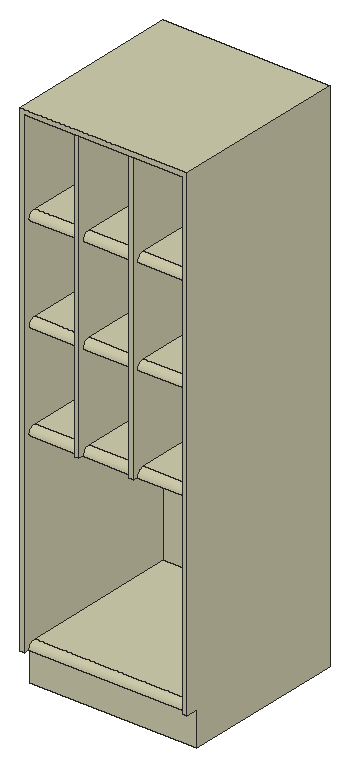
Revit family "Wenger Cabinet 03", category Furniture, Revit 2011
Parameters (values of type "Standard Cabinet #3")
  URL = "http://www.wengercorp.com/Home/Contact.html"
  Toekick Material [instance] = none
  RH End Panel [instance] = no
  Model = "03"
  Manufacturer = "Wenger Corporation"
  LH End Panel [instance] = no
  End Panel Material [instance] = none
  Edge Banding Material [instance] = none
  Door Material [instance] = none
  Description = "Standard Cabinet #3"
  Cabinet Width = 2' - 3 1/2"
  Cabinet Label = Labels : Standard
  Cabinet Height = 7' - 1 5/8"
  Cabinet Depth = 2' - 5 1/4"
  Cabinet Back Thickness = 0' - 0 3/4"
  Assembly Code = ""
Types (4): name | Model | Description | Cabinet Width | Cabinet Label | Cabinet Depth | Cabinet Back Thickness
  Standard Cabinet #3 | "03" | "Standard Cabinet #3" | 2' - 3 1/2" | Labels : Standard | 2' - 5 1/4" | 0' - 0 3/4"
  Acoustic Cabinet #3 | "03A" | "Acoustic Cabinet #3" | 2' - 3 1/2" | Labels : Acoustic | 2' - 7 3/4" | 0' - 3 1/4"
  Narrow Acoustic Cabinet #3 | "03NA" | "Narrow Acoustic Cabinet #3" | 1' - 9 1/2" | Labels : Narrow Acoustic | 2' - 7 3/4" | 0' - 3 1/4"
  Narrow Cabinet #3 | "03N" | "Narrow Cabinet #3" | 1' - 9 1/2" | Labels : Narrow | 2' - 5 1/4" | 0' - 0 3/4"
Reference planes (in)
  plane 1 "Front": y = 0
  plane 2: z = 0
  plane 3 "Left": x = 0
  plane 4 "Right": x = 27.5
  plane 5 "Back": y = 29.25
  plane 6 "Top": z = 85.625
  plane 7: z = 5.625
  plane 8: z = 21.475
  plane 9: z = 37.325
  plane 10: z = 53.175
  plane 11: z = 69.025
  plane 12: x = 0.75
  plane 13: x = 26.75
  plane 14: z = 84.875
  plane 15: x = 8.91667
  plane 16: x = 9.66667
  plane 17: x = 17.83333
  plane 18: x = 18.58333
  plane 19: y = 28.5
  plane 20: y = 2
  plane 21: y = 0.75
  plane 22: z = 22.6
  plane 23: z = 38.45
  plane 24: z = 54.3
  plane 25: z = 70.15
  plane 26: z = 6.75
Forms (in)
  Extrusion 1, solid, material "Wenger - Oyster"
    sketch origin (0, 0, 0) x (0, 1, 0) y (0, 0, 1)
      loop
        line (0, 85.625) -> (0, 5.625) -> (2, 5.625) -> (2, 0) -> (29.25, 0) -> (29.25, 85.625) -> (0, 85.625)
    from 0 to 27.5
  Extrusion 2, void
    sketch origin (0, 0, 0) x (0, 1, 0) y (0, 0, 1)
      loop
        line (-5.5, 84.875) -> (-5.5, 37.325) -> (0.75, 37.325)
        arc (0.75, 37.325) -> (1.18296, 38.10088) -> (2, 38.45) r 1.375
        line (2, 38.45) -> (28.5, 38.45) -> (28.5, 53.175) -> (0.75, 53.175)
        arc (0.75, 53.175) -> (1.18296, 53.95088) -> (2, 54.3) r 1.375
        line (2, 54.3) -> (28.5, 54.3) -> (28.5, 69.025) -> (0.75, 69.025)
        arc (0.75, 69.025) -> (1.18296, 69.80088) -> (2, 70.15) r 1.375
        line (2, 70.15) -> (28.5, 70.15) -> (28.5, 84.875) -> (-5.5, 84.875)
    from 0.75 to 8.91667
  Extrusion 3, void
    sketch origin (0, 0, 0) x (0, 1, 0) y (0, 0, 1)
      loop
        line (-5.5, 84.875) -> (-5.5, 37.325) -> (0.75, 37.325)
        arc (0.75, 37.325) -> (1.18296, 38.10088) -> (2, 38.45) r 1.375
        line (2, 38.45) -> (28.5, 38.45) -> (28.5, 53.175) -> (0.75, 53.175)
        arc (0.75, 53.175) -> (1.18296, 53.95088) -> (2, 54.3) r 1.375
        line (2, 54.3) -> (28.5, 54.3) -> (28.5, 69.025) -> (0.75, 69.025)
        arc (0.75, 69.025) -> (1.18296, 69.80088) -> (2, 70.15) r 1.375
        line (2, 70.15) -> (28.5, 70.15) -> (28.5, 84.875) -> (-5.5, 84.875)
    from 9.66667 to 17.83333
  Extrusion 4, void
    sketch origin (0, 0, 0) x (0, 1, 0) y (0, 0, 1)
      loop
        line (-5.5, 84.875) -> (-5.5, 37.325) -> (0.75, 37.325)
        arc (0.75, 37.325) -> (1.18296, 38.10088) -> (2, 38.45) r 1.375
        line (2, 38.45) -> (28.5, 38.45) -> (28.5, 53.175) -> (0.75, 53.175)
        arc (0.75, 53.175) -> (1.18296, 53.95088) -> (2, 54.3) r 1.375
        line (2, 54.3) -> (28.5, 54.3) -> (28.5, 69.025) -> (0.75, 69.025)
        arc (0.75, 69.025) -> (1.18296, 69.80088) -> (2, 70.15) r 1.375
        line (2, 70.15) -> (28.5, 70.15) -> (28.5, 84.875) -> (-5.5, 84.875)
    from 18.58333 to 26.75
  Extrusion 5, void
    sketch origin (0, 0, 0) x (0, 1, 0) y (0, 0, 1)
      loop
        line (0, 84.875) -> (0, 5.625) -> (0.0625, 5.625) -> (0.0625, 84.875) -> (0, 84.875)
    from 0.75 to 26.75
  Extrusion 6, void
    sketch origin (0, 0, 0) x (0, 1, 0) y (0, 0, 1)
      loop
        arc (0.75, 5.625) -> (1.22263, 6.43197) -> (2.10208, 6.75) r 1.375
        line (2.10208, 6.75) -> (28.5, 6.75) -> (28.5, 37.325) -> (-12.28202, 37.325) -> (-12.28202, 5.625) -> (0.75, 5.625)
    from 0.75 to 26.75
Cuts and joins
  Extrusion 2, Extrusion 3, Extrusion 4, Extrusion 5, Extrusion 6 cuts Extrusion 1
Lines and regions (in)
  symbolic lines
    curve 1: line (0, 29.25, 0) -> (27.5, 29.25, 0)
    curve 2: line (0, 0, 0) -> (0, 29.25, 0)
    curve 3: line (27.5, 0, 0) -> (0, 0, 0)
    curve 4: line (27.5, 29.25, 0) -> (27.5, 0, 0)
Dimensions and locks (in)
  locked: plane 3 "Left" to plane 12 at 0.75
  locked: plane 15 to plane 16 at 0.75
  locked: plane 17 to plane 18 at 0.75
  locked: plane 13 to plane 4 "Right" at 0.75
  "Cabinet Back Thickness": plane 5 "Back" to plane 19
  locked: plane 1 "Front" to plane 21 at 0.75
  locked: plane 1 "Front" to plane 20 at 2
  locked: plane 22 to plane 8 at 1.125
  locked: plane 23 to plane 9 at 1.125
  locked: plane 24 to plane 10 at 1.125
  locked: plane 25 to plane 11 at 1.125
  locked: plane 6 "Top" to plane 14 at 0.75
  equal spacing: plane 14, plane 11, plane 10, plane 9, plane 8, plane 7
  locked: plane 26 to plane 7 at 1.125
  equal spacing: plane 13, plane 17, plane 15, plane 3 "Left"
  "Cabinet Width": plane 3 "Left" to plane 4 "Right"
  locked: plane 7 to level at 5.625
  "Cabinet Height": plane 6 "Top" to level
  "Cabinet Depth": plane 1 "Front" to plane 5 "Back"
  plane 12 to plane 13 = 2' - 2"
  plane 14 to plane 7 = 6' - 7 1/4"
  aligned and locked: Extrusion 1 sketch curve to plane 6 "Top"
  aligned and locked: Extrusion 1 sketch curve to plane 5 "Back"
  aligned and locked: Extrusion 1 sketch curve to plane 1 "Front"
  aligned and locked: Extrusion 1 sketch curve to plane 7
  aligned and locked: Extrusion 1 sketch curve to plane 20
  aligned and locked: Extrusion 1 sketch curve to level
  aligned and locked: Extrusion 1 to plane 4 "Right"
  aligned and locked: Extrusion 1 to plane 3 "Left"
  aligned and locked: Extrusion 2 sketch curve to plane 14
  aligned and locked: Extrusion 2 sketch curve to plane 19
  aligned and locked: Extrusion 2 sketch curve to plane 11
  aligned and locked: Extrusion 2 sketch curve to plane 24
  aligned and locked: Extrusion 2 sketch curve to plane 10
  aligned and locked: Extrusion 2 sketch curve to plane 23
  aligned and locked: Extrusion 2 sketch curve to plane 9
  aligned and locked: Extrusion 2 sketch curve to plane 25
  aligned and locked: Extrusion 2 to plane 12
  aligned and locked: plane 15 to Extrusion 2
  aligned and locked: plane 17 to Extrusion 3
  aligned and locked: Extrusion 3 to plane 16
  aligned and locked: Extrusion 4 to plane 13
  aligned and locked: Extrusion 4 to plane 18
  aligned: Extrusion 5 sketch curve to cut or joined group of Extrusion 1, Extrusion 2, Extrusion 3, Extrusion 4, Extrusion 5, Extrusion 6  (x3)
  aligned and locked: Extrusion 5 to plane 13
  aligned and locked: Extrusion 5 to plane 12
  aligned and locked: plane 3 "Left" to curve 2
  aligned and locked: curve 1 to plane 5 "Back"
  aligned and locked: plane 4 "Right" to curve 4
  aligned and locked: curve 3 to plane 1 "Front"
  aligned and locked: Extrusion 6 sketch curve to plane 9
  aligned and locked: Extrusion 6 sketch curve to plane 19
  aligned and locked: plane 26 to Extrusion 6 sketch curve
  aligned and locked: plane 7 to Extrusion 6 sketch curve
  aligned and locked: Extrusion 6 to plane 13
  aligned and locked: Extrusion 6 to plane 12
Automatic sketch dimensions
  Extrusion 2 sketch curve to plane 21 = 0' - 0"  (x3)
  Extrusion 2 sketch curve to plane 20 = 0' - 0"  (x3)
  Extrusion 2 sketch curve to plane 19 = 0' - 0"  (x2)
  plane 1 "Front" to Extrusion 2 sketch curve = 0' - 5 1/2"
  Extrusion 2 sketch curve to plane 20 = 0' - 0.10279"  (x3)
  Extrusion 3 sketch curve to plane 14 = 0' - 0"
  Extrusion 3 sketch curve to plane 11 = 0' - 0"
  Extrusion 3 sketch curve to plane 21 = 0' - 0"  (x3)
  Extrusion 3 sketch curve to plane 10 = 0' - 0"
  Extrusion 3 sketch curve to plane 20 = 0' - 0"  (x3)
  Extrusion 3 sketch curve to plane 19 = 0' - 0"  (x3)
  Extrusion 3 sketch curve to plane 23 = 0' - 0"
  Extrusion 3 sketch curve to plane 24 = 0' - 0"
  Extrusion 3 sketch curve to plane 25 = 0' - 0"
  plane 1 "Front" to Extrusion 3 sketch curve = 0' - 5 1/2"
  Extrusion 3 sketch curve to plane 20 = 0' - 0.10279"  (x3)
  Extrusion 4 sketch curve to plane 14 = 0' - 0"
  Extrusion 4 sketch curve to plane 11 = 0' - 0"
  Extrusion 4 sketch curve to plane 21 = 0' - 0"  (x3)
  Extrusion 4 sketch curve to plane 10 = 0' - 0"
  Extrusion 4 sketch curve to plane 20 = 0' - 0"  (x3)
  Extrusion 4 sketch curve to plane 19 = 0' - 0"  (x3)
  Extrusion 4 sketch curve to plane 23 = 0' - 0"
  Extrusion 4 sketch curve to plane 24 = 0' - 0"
  Extrusion 4 sketch curve to plane 25 = 0' - 0"
  plane 1 "Front" to Extrusion 4 sketch curve = 0' - 5 1/2"
  Extrusion 4 sketch curve to plane 20 = 0' - 0.10279"  (x3)
  plane 21 to Extrusion 5 sketch curve = 0' - 0 11/16"
  Extrusion 3 sketch curve to plane 9 = 0' - 0"
  Extrusion 4 sketch curve to plane 9 = 0' - 0"
  Extrusion 6 sketch curve to plane 1 "Front" = 0' - 2.10208"
  Extrusion 6 sketch curve to Extrusion 6 sketch curve = 0' - 1.35208"
  plane 1 "Front" to Extrusion 6 sketch curve = 1' - 0.28202"
Nested families (in)
  nested 1: "LH End Panel" at (0, 14.25, 0) x (0, -1, 0) z (0, 0, 1), End Panel Material <- "End Panel Material", visible <- "LH End Panel", Edge Banding Material <- "Edge Banding Material", type "20x84 LH"
    with End Panel Material none, Edge Banding Material none, End Panel Depth 2' - 5 1/4"
  nested 2: "RH End Panel" at (28.25, 14.25, 0) x (0, -1, 0) z (0, 0, 1), End Panel Material <- "End Panel Material", visible <- "RH End Panel", Edge Banding Material <- "Edge Banding Material", type "20x84 RH"
    with End Panel Material none, Edge Banding Material none, End Panel Depth 2' - 5 1/4"
  nested 3: "Labels" at (11.14775, 13.8252, 0), type <- "Cabinet Label", type "Standard"
  nested 4: "Front Note" at (11.70421, 0.75, 0), type "Front Note", detail levels medium+fine
Definition of nested family "LH End Panel"
  Parameters (values of type "20x84 LH")
    End Panel Material [instance] = none
    End Panel Height = 7' - 1 5/8"
    End Panel Depth = 1' - 7 1/4"
    Edge Banding Material [instance] = none
    Default Elevation = 4' - 0"
    Assembly Code = ""
  Reference planes (in)
    plane 1 "Center (Front/Back)": y = 0
    plane 2: z = 0
    plane 3 "Center (Left/Right)": x = 0
    plane 4: x = -15
    plane 5: x = 4.25
    plane 6: z = 5.625
    plane 7: x = 2.25
    plane 8: z = 85.625
    plane 9: y = -0.75
  Forms (in)
    Extrusion 1, solid, material <- "End Panel Material"
      sketch origin (0, 0, 0) x (1, 0, 0) y (0, 0, 1)
        loop
          line (-15, 85.625) -> (-15, 0) -> (2.25, 0) -> (2.25, 5.625) -> (4.25, 5.625) -> (4.25, 85.625) -> (-15, 85.625)
      from 0 to 0.75
  Dimensions and locks (in)
    locked: plane 7 to plane 5 at 2
    locked: plane 6 to level at 5.625
    "End Panel Height": plane 8 to level
    "End Panel Depth": plane 5 to plane 4
    locked: plane 9 to plane 1 "Center (Front/Back)" at 0.75
    aligned and locked: plane 4 to Extrusion 1 sketch curve
    aligned and locked: level to Extrusion 1 sketch curve
    aligned and locked: plane 7 to Extrusion 1 sketch curve
    aligned and locked: plane 6 to Extrusion 1 sketch curve
    aligned and locked: Extrusion 1 sketch curve to plane 5
    aligned and locked: Extrusion 1 sketch curve to plane 8
    aligned and locked: Extrusion 1 to plane 9
    aligned and locked: Extrusion 1 to plane 1 "Center (Front/Back)"
Definition of nested family "RH End Panel"
  Parameters (values of type "20x84 RH")
    End Panel Material [instance] = none
    End Panel Height = 7' - 1 5/8"
    End Panel Depth = 1' - 7 1/4"
    Edge Banding Material [instance] = none
    Default Elevation = 4' - 0"
    Assembly Code = ""
  Reference planes (in)
    plane 1 "Center (Front/Back)": y = 0
    plane 2: z = 0
    plane 3 "Center (Left/Right)": x = 0
    plane 4: x = -15
    plane 5: x = 4.25
    plane 6: z = 5.625
    plane 7: x = 2.25
    plane 8: z = 85.625
    plane 9: y = -0.75
  Forms (in)
    Extrusion 1, solid, material <- "End Panel Material"
      sketch origin (0, 0, 0) x (1, 0, 0) y (0, 0, 1)
        loop
          line (-15, 85.625) -> (-15, 0) -> (2.25, 0) -> (2.25, 5.625) -> (4.25, 5.625) -> (4.25, 85.625) -> (-15, 85.625)
      from 0 to 0.75
  Dimensions and locks (in)
    locked: plane 7 to plane 5 at 2
    locked: plane 6 to level at 5.625
    "End Panel Height": plane 8 to level
    "End Panel Depth": plane 5 to plane 4
    locked: plane 9 to plane 1 "Center (Front/Back)" at 0.75
    aligned and locked: plane 4 to Extrusion 1 sketch curve
    aligned and locked: level to Extrusion 1 sketch curve
    aligned and locked: plane 7 to Extrusion 1 sketch curve
    aligned and locked: plane 6 to Extrusion 1 sketch curve
    aligned and locked: Extrusion 1 sketch curve to plane 5
    aligned and locked: Extrusion 1 sketch curve to plane 8
    aligned and locked: Extrusion 1 to plane 9
    aligned and locked: Extrusion 1 to plane 1 "Center (Front/Back)"
Definition of nested family "Labels"
  Parameters (values of type "Standard")
    Cabinet Label = "01"
  Types (4): name | Cabinet Label
    Standard | "01"
    Narrow | "01N"
    Narrow Acoustic | "01NA"
    Acoustic | "01A"
  Reference planes (in)
    plane 1: y = 0
    plane 2: x = 0
  Text (in)
    label "xxxx" at (-0.00018, 0.00754, 0), shows "Cabinet Label"
Definition of nested family "Front Note"
  Parameters (values of type "Front Note")
    Cabinet Label = "Front"
  Reference planes (in)
    plane 1: y = 0
    plane 2: x = 0
  Text (in)
    label "Front" at (-0.00018, 0.00754, 0), shows "Cabinet Label"
